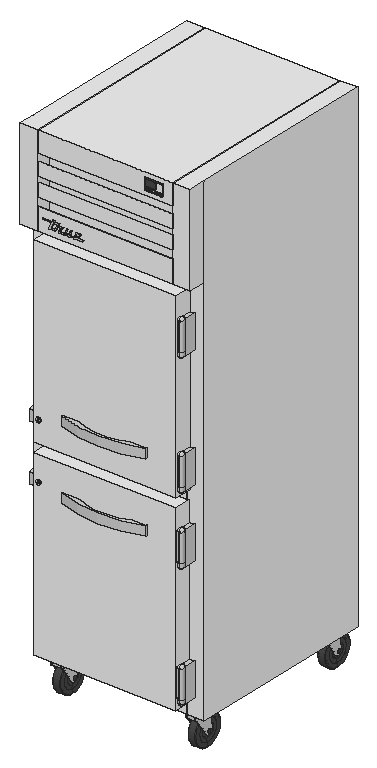
Revit family "QF_TRUE_STR1R-2HS-HC", category Specialty Equipment, Revit 2012
Parameters
  Weight in Pounds = 0
  Watts = Volts * FL Amps  # 437 W
  Volts = 115 V
  URL Cutsheet = "www.truemfg.com"
  URL = "www.truemfg.com"
  Type Mark [instance] = ""
  Type Comments = ""
  Status [instance] = ""
  Specification by User [instance] = ""
  Specification by Manufacturer = ""
  Show Seismic Flanged [instance] = no
  Show Logo [instance] = yes
  Show Legs [instance] = no
  Show Clearance [instance] = yes
  Serial Number = ""
  Seismic Rating = ""
  Seismic Plate [instance] = and(Show Seismic Flanged, not(Show Casters))  # no
  SMACNA No = ""
  Revision Code [instance] = ""
  Phase = 1
  Omniclass Number and Title = ""
  Number of Poles [instance] = 1
  NAFEM Spec ID Number = ""
  Model = "STR1R-2HS-HC"
  Min Ckt Ampacity = 0 A
  Max Overcurrent Protection = 0 A
  Masterspec = ""
  Manufacturer = "TRUE FOOD SERVICE EQUIPMENT, INC."
  Length = 27 1/2"
  Legs [instance] = or(Show Legs, Show Seismic Flanged)  # no
  Item Number [instance] = ""
  Installed By [instance] = ""
  Identify Quantity as Lot [instance] = yes
  Height = 77 3/4"
  HP = "1/4"
  Furnished By [instance] = ""
  Foodservice Equipment Identifier [instance] = yes
  FL Amps = 3.8 A
  Electrical Remarks [instance] = ""
  Electric Connection Type [instance] = ""
  Elec Conn RI Height [instance] = 0"
  Elec Conn Connection Height [instance] = 0"
  Description = "REACH-IN SOLID HALF SWING DOOR REFRIGERATOR WITH HYDROCARBON REFRIGERANT"
  Depth = 33 3/4"
  Cycle = 60 Hz
  Conn Plug = "5-15P"
  Conn Conduit = yes
  Show Casters [instance] = and(not(if(Show Legs, Show Legs, Show Legs)), not(if(Show Legs, Show Legs, Show Seismic Flanged)))  # yes
  CSI MasterFormat = ""
  CSI Master Format = ""
  Apparent Power = if(Phase = 3, Volts * FL Amps * 1.73, Volts * FL Amps)  # 437 VA
Reference planes (in)
  plane 1 "BACK": y = 0
  plane 2: z = 0
  plane 3 "LEFT": x = 0
  plane 4 "RIGHT": x = 27.5
  plane 5 "FRONT": y = -33.75
  plane 6 "TOP": z = 84.125
  plane 7: z = 6.125
  plane 8: x = 2.84375
  plane 9: y = -33.7042
  plane 10: y = -35.21875
Forms (in)
  Extrusion 1, solid, material "QF_Finishes_Chrome - Satin"
    sketch origin (0.05, 0, 0) x (1, 0, 0) y (0, 1, 0)
      loop
        line (-0.05, 0) -> (-0.05, -31) -> (2.87859, -31) -> (2.87859, 0) -> (-0.05, 0)
    from 6.125 to 84.125
  Extrusion 2, solid, material "QF_Finishes_Chrome - Satin"
    sketch origin (50.15, 0, 0) x (1, 0, 0) y (0, 1, 0)
      loop
        line (-25.44375, 0) -> (-25.44375, -31) -> (-22.65, -31) -> (-22.65, 0) -> (-25.44375, 0)
    from 6.125 to 84.125
  Extrusion 3, solid, material "QF_Finishes_Chrome - Satin"
    sketch origin (0, 0, 0) x (0, 1, 0) y (0, 0, 1)
      loop
        line (-33.7042, 69.5) -> (-31, 69.5) -> (-31, 6.125) -> (0, 6.125) -> (0, 84.125) -> (-33.7042, 84.125) -> (-33.7042, 80.78078) -> (-31.5, 79.21352) -> (-31.5, 78.09125) -> (-33.7042, 79.65851) -> (-33.7042, 77.5248) -> (-31.5, 75.95754) -> (-31.5, 74.99678) -> (-33.7042, 76.56404) -> (-33.7042, 74.46784) -> (-31.5, 72.90057) -> (-31.5, 71.625) -> (-33.7042, 73.19226) -> (-33.7042, 69.5)
    from 2.92859 to 24.70625
  Extrusion 4, solid, material "QF_Finishes_Chrome - Satin"
    sketch origin (0, 0, 0) x (1, 0, 0) y (0, 1, 0)
      loop
        line (27.45312, -31) -> (24.70625, -31) -> (24.70625, -33.75) -> (27.45312, -33.75) -> (27.45312, -31)
    from 69.5 to 84.125
  Extrusion 5, solid, material "QF_Finishes_Chrome - Satin"
    sketch origin (-50.125, 0, 0.25) x (1, 0, 0) y (0, 1, 0)
      loop
        line (53.05359, -31) -> (50.17188, -31) -> (50.17188, -33.75) -> (53.05359, -33.75) -> (53.05359, -31)
    from 69.25 to 83.875
  Extrusion 6, solid, material "QF_Finishes_Chrome - Satin"
    sketch origin (-24.96875, 0, -0.71875) x (1, 0, 0) y (0, 0, 1)
      loop
        line (27.15625, 8.75) -> (50.09375, 8.75) -> (50.09375, 37.96875) -> (27.15625, 37.96875) -> (27.15625, 8.75)
      loop
        line (27.15625, 68.6875) -> (27.15625, 39.46875) -> (50.1875, 39.46875) -> (50.1875, 68.6875) -> (27.15625, 68.6875)
    from 31 to 33.75
  Extrusion 7, solid, material "QF_Finishes_Handrails and Railings"
    sketch origin (60.77813, -0.25, 31.96644) x (1, 0, 0) y (0, 1, 0)
      loop
        line (-53.875, -33.5) -> (-53.875, -33.7)
        arc (-53.875, -33.7) -> (-47.075, -34.96875) -> (-40.275, -33.7) r 18.857
        line (-40.275, -33.7) -> (-40.275, -33.5) -> (-42.675, -33.5)
        arc (-42.675, -33.5) -> (-47.075, -34.53655) -> (-51.475, -33.5) r 9.85694
        line (-51.475, -33.5) -> (-53.875, -33.5)
    from 10.87731 to 12.37731
  Extrusion 8, solid, material "QF_Finishes_Handrails and Railings"
    sketch origin (-23.375, 0, 2.25) x (1, 0, 0) y (0, 0, 1)
      loop
        circle (26.4375, 40.0625) r 0.35
      loop
        line (26.47265, 40.33635) -> (26.41715, 40.33635) -> (26.41715, 39.76895) -> (26.47265, 39.76895) -> (26.47265, 40.33635)
    from 33.5 to 33.83066
  Extrusion 9, solid, material "QF_Finishes_Handrails and Railings", visible <- "Show Logo"
    sketch origin (0.33478, 1.08173, -6.73143) x (1, 0, 0) y (0, 0, 1)
      loop
        line (3.46044, 78.46231) -> (3.35478, 78.23573) -> (4.76027, 78.23573)
        arc (4.76027, 78.23573) -> (4.78879, 78.18528) -> (4.76027, 78.13484) r 0.05887
        line (4.76027, 78.13484) -> (4.39369, 77.34872)
        arc (4.39369, 77.34872) -> (4.39051, 77.27591) -> (4.43975, 77.22217) r 0.09523
        line (4.43975, 77.22217) -> (5.33844, 77.22217)
        arc (5.33844, 77.22217) -> (5.45192, 77.25795) -> (5.52436, 77.35235) r 0.19785
        line (5.52436, 77.35235) -> (5.81285, 77.97101) -> (6.0779, 77.97101)
        arc (6.0779, 77.97101) -> (6.14744, 77.94543) -> (6.13737, 77.87203) r 0.05911
        line (6.13737, 77.87203) -> (5.89598, 77.35437)
        arc (5.89598, 77.35437) -> (5.89974, 77.2684) -> (5.97231, 77.22217) r 0.09318
        line (5.97231, 77.22217) -> (6.76198, 77.22217)
        arc (6.76198, 77.22217) -> (6.82249, 77.24419) -> (6.85468, 77.29995) r 0.09412
        arc (6.85468, 77.29995) -> (6.87746, 77.24495) -> (6.93246, 77.22217) r 0.07778
        line (6.93246, 77.22217) -> (7.43246, 77.22217)
        arc (7.43246, 77.22217) -> (7.49022, 77.23765) -> (7.53251, 77.27993) r 0.11552
        arc (7.53251, 77.27993) -> (7.55275, 77.23106) -> (7.60162, 77.21081) r 0.06912
        line (7.60162, 77.21081) -> (8.31225, 77.21081)
        arc (8.31225, 77.21081) -> (8.37034, 77.23488) -> (8.39441, 77.29297) r 0.08216
        arc (8.39441, 77.29297) -> (8.44767, 77.23972) -> (8.52042, 77.22022) r 0.14551
        line (8.52042, 77.22022) -> (9.85158, 77.22022) -> (9.99946, 77.47634) -> (8.65678, 77.47634)
        arc (8.65678, 77.47634) -> (8.61972, 77.50204) -> (8.61834, 77.54711) r 0.05009
        line (8.61834, 77.54711) -> (8.64157, 77.59692)
        arc (8.64157, 77.59692) -> (8.67723, 77.64364) -> (8.73327, 77.66135) r 0.09747
        line (8.73327, 77.66135) -> (9.16485, 77.66135)
        arc (9.16485, 77.66135) -> (9.258, 77.68631) -> (9.32619, 77.7545) r 0.1863
        line (9.32619, 77.7545) -> (9.45119, 77.97101)
        arc (9.45119, 77.97101) -> (9.45119, 78.08657) -> (9.35111, 78.14434) r 0.11556
        line (9.35111, 78.14434) -> (8.89562, 78.14434)
        arc (8.89562, 78.14434) -> (8.7795, 78.12462) -> (8.69849, 78.03912) r 0.18605
        line (8.69849, 78.03912) -> (8.48204, 77.57493)
        arc (8.48204, 77.57493) -> (8.41815, 77.49167) -> (8.31806, 77.46011) r 0.1745
        line (8.31806, 77.46011) -> (7.84559, 77.46011)
        arc (7.84559, 77.46011) -> (7.78903, 77.52184) -> (7.79268, 77.60548) r 0.10939
        line (7.79268, 77.60548) -> (8.04395, 78.14434) -> (7.88403, 78.14434) -> (7.61781, 77.57344)
        arc (7.61781, 77.57344) -> (7.56609, 77.50603) -> (7.48505, 77.48048) r 0.14128
        line (7.48505, 77.48048) -> (7.15925, 77.48048)
        arc (7.15925, 77.48048) -> (7.10419, 77.55223) -> (7.116, 77.64189) r 0.11816
        line (7.116, 77.64189) -> (7.3503, 78.14434) -> (7.18514, 78.14434) -> (6.91546, 77.566)
        arc (6.91546, 77.566) -> (6.85285, 77.50339) -> (6.76733, 77.48048) r 0.17104
        line (6.76733, 77.48048) -> (6.29555, 77.48048)
        arc (6.29555, 77.48048) -> (6.21082, 77.51999) -> (6.20267, 77.61313) r 0.0935
        line (6.20267, 77.61313) -> (6.35774, 77.94569) -> (6.57695, 77.94569)
        arc (6.57695, 77.94569) -> (6.61395, 78.05717) -> (6.69267, 78.14434) r 0.2857
        line (6.69267, 78.14434) -> (5.83605, 78.14434)
        arc (5.83605, 78.14434) -> (5.74086, 78.12324) -> (5.67498, 78.05135) r 0.16212
        line (5.67498, 78.05135) -> (5.44279, 77.55341)
        arc (5.44279, 77.55341) -> (5.3894, 77.50002) -> (5.31647, 77.48048) r 0.14586
        line (5.31647, 77.48048) -> (4.80506, 77.48048)
        arc (4.80506, 77.48048) -> (4.76514, 77.53442) -> (4.77274, 77.60109) r 0.09155
        line (4.77274, 77.60109) -> (5.11018, 78.23573) -> (5.96155, 78.23573) -> (6.06721, 78.46231) -> (5.21584, 78.46231) -> (5.32149, 78.68888) -> (5.01862, 78.68888) -> (4.91297, 78.46231) -> (3.46044, 78.46231)
      loop
        arc (8.83805, 77.93863) -> (8.80119, 77.92875) -> (8.7742, 77.90176) r 0.07373
        line (8.7742, 77.90176) -> (8.75229, 77.83436)
        arc (8.75229, 77.83436) -> (8.76245, 77.80983) -> (8.78699, 77.79966) r 0.0347
        line (8.78699, 77.79966) -> (9.15948, 77.79966)
        arc (9.15948, 77.79966) -> (9.18632, 77.80561) -> (9.20812, 77.82234) r 0.0635
        line (9.20812, 77.82234) -> (9.22624, 77.90622)
        arc (9.22624, 77.90622) -> (9.22091, 77.92868) -> (9.20009, 77.93863) r 0.02676
        line (9.20009, 77.93863) -> (8.83805, 77.93863)
    from 34.76797 to 34.83173
  Extrusion 10, solid, material "QF_Finishes_White"
    sketch origin (-23.16691, 1.06376, 1.58022) x (1, 0, 0) y (0, 0, 1)
      loop
        line (43.31732, 81.73227) -> (43.31732, 79.98496) -> (46.22357, 79.98496) -> (46.22357, 81.73227) -> (43.31732, 81.73227)
    from 34.75 to 34.76797
  Extrusion 11, solid, material "QF_Finishes_Black"
    sketch origin (-23.16691, 1.06376, 1.58022) x (1, 0, 0) y (0, 0, 1)
      loop
        line (46.28607, 81.79477) -> (43.25482, 81.79477) -> (43.25482, 79.92246) -> (46.28607, 79.92246) -> (46.28607, 81.79477)
      loop
        spline (43.45482, 80.25372) -> (43.46333, 80.23754) -> (43.48831, 80.22247) -> (43.52804, 80.20952) -> (43.57982, 80.19959) -> (43.64011, 80.19335) -> (43.70482, 80.19122) -> (43.76952, 80.19335) -> (43.82982, 80.19959) -> (43.88159, 80.20952) -> (43.92132, 80.22247) -> (43.9463, 80.23754) -> (43.95482, 80.25372)
        spline (43.95482, 80.25372) -> (43.9463, 80.26989) -> (43.92132, 80.28497) -> (43.88159, 80.29791) -> (43.82982, 80.30784) -> (43.76952, 80.31409) -> (43.70482, 80.31622) -> (43.64011, 80.31409) -> (43.57982, 80.30784) -> (43.52804, 80.29791) -> (43.48831, 80.28497) -> (43.46333, 80.26989) -> (43.45482, 80.25372)
      loop
        spline (44.15083, 80.25372) -> (44.15935, 80.23754) -> (44.18432, 80.22247) -> (44.22405, 80.20952) -> (44.27583, 80.19959) -> (44.33612, 80.19335) -> (44.40083, 80.19122) -> (44.46553, 80.19335) -> (44.52583, 80.19959) -> (44.57761, 80.20952) -> (44.61734, 80.22247) -> (44.64231, 80.23754) -> (44.65083, 80.25372)
        spline (44.65083, 80.25372) -> (44.64231, 80.26989) -> (44.61734, 80.28497) -> (44.57761, 80.29791) -> (44.52583, 80.30784) -> (44.46553, 80.31409) -> (44.40083, 80.31622) -> (44.33612, 80.31409) -> (44.27583, 80.30784) -> (44.22405, 80.29791) -> (44.18432, 80.28497) -> (44.15935, 80.26989) -> (44.15083, 80.25372)
      loop
        spline (44.90083, 80.25372) -> (44.90935, 80.23754) -> (44.93432, 80.22247) -> (44.97405, 80.20952) -> (45.02583, 80.19959) -> (45.08612, 80.19335) -> (45.15083, 80.19122) -> (45.21553, 80.19335) -> (45.27583, 80.19959) -> (45.32761, 80.20952) -> (45.36734, 80.22247) -> (45.39231, 80.23754) -> (45.40083, 80.25372)
        spline (45.40083, 80.25372) -> (45.39231, 80.26989) -> (45.36734, 80.28497) -> (45.32761, 80.29791) -> (45.27583, 80.30784) -> (45.21553, 80.31409) -> (45.15083, 80.31622) -> (45.08612, 80.31409) -> (45.02583, 80.30784) -> (44.97405, 80.29791) -> (44.93432, 80.28497) -> (44.90935, 80.26989) -> (44.90083, 80.25372)
      loop
        line (43.45481, 81.59478) -> (43.45481, 80.59478) -> (45.15433, 80.59478) -> (45.15433, 81.59478) -> (43.45481, 81.59478)
      loop
        line (46.22357, 81.73227) -> (43.31732, 81.73227) -> (43.31732, 79.98496) -> (46.22357, 79.98496) -> (46.22357, 81.73227)
      loop
        spline (45.65083, 80.25372) -> (45.65935, 80.23754) -> (45.68432, 80.22247) -> (45.72405, 80.20952) -> (45.77583, 80.19959) -> (45.83612, 80.19335) -> (45.90083, 80.19122) -> (45.96553, 80.19335) -> (46.02583, 80.19959) -> (46.07761, 80.20952) -> (46.11734, 80.22247) -> (46.14231, 80.23754) -> (46.15083, 80.25372)
        spline (46.15083, 80.25372) -> (46.14231, 80.26989) -> (46.11734, 80.28497) -> (46.07761, 80.29791) -> (46.02583, 80.30784) -> (45.96553, 80.31409) -> (45.90083, 80.31622) -> (45.83612, 80.31409) -> (45.77583, 80.30784) -> (45.72405, 80.29791) -> (45.68432, 80.28497) -> (45.65935, 80.26989) -> (45.65083, 80.25372)
    from 34.76797 to 34.80335
  Extrusion 12, solid
    sketch origin (-25.125, 0, 0) x (1, 0, 0) y (0, 0, 1)
      loop
        circle (49.375, 82) r 0.25
    from 0 to 0.0625
  Blend 13, solid, material "QF_Finishes_Handrails and Railings"
    base sketch origin (27.53125, 0, 4.25) x (-1, 0, 0) y (0, 0, -1)
      loop
        line (25.25, -38.99169) -> (26, -38.99169) -> (26, -37.24169) -> (25.25, -37.24169) -> (25.25, -38.99169)
    top sketch origin (27.53125, 0, 4.25) x (-1, 0, 0) y (0, 0, -1)
      loop
        line (26.18223, -36.6441) -> (25.25, -36.6441) -> (25.25, -39.42643) -> (26.18223, -39.42643) -> (26.18223, -36.6441)
    from 33.57883 to 31
  Extrusion 14, solid, material "QF_Finishes_Handrails and Railings"
    sketch origin (26.1875, 0, 0) x (0, 1, 0) y (0, 0, -1)
      loop
        line (-31, -64.55229) -> (-31, -59.23627) -> (-33.25, -59.23627) -> (-33.25, -59.94848) -> (-32.81497, -59.94848) -> (-32.81497, -64.34776)
        arc (-32.81497, -64.34776) -> (-32.75506, -64.49238) -> (-32.61044, -64.55229) r 0.20453
        line (-32.61044, -64.55229) -> (-31, -64.55229)
    from 0.17506 to 1
  Revolve 15, solid, material "QF_Finishes_Handrails and Railings"
    sketch origin (25.6875, 0, 0) x (0, 1, 0) y (0, 0, -1)
      loop
        line (-33.26563, -60.00189) -> (-33.67229, -60.00189) -> (-33.67229, -64.4736)
        arc (-33.67229, -64.4736) -> (-33.53722, -64.72557) -> (-33.26563, -64.81483) r 0.3848
        line (-33.26563, -64.81483) -> (-33.26563, -60.00189)
      loop
        line (-33.26563, -59.94848) -> (-33.26563, -59.04781)
        arc (-33.26563, -59.04781) -> (-33.53264, -59.13383) -> (-33.67229, -59.37712) r 0.38884
        line (-33.67229, -59.37712) -> (-33.67229, -59.94848) -> (-33.26563, -59.94848)
      axis (-33.26563, -59.04781) -> (-33.26563, -64.81483)
    angle from 0 to 360
  Extrusion 16, solid, material "QF_Finishes_Handrails and Railings"
    sketch origin (27.5, 0, 0) x (-1, 0, 0) y (0, 0, -1)
      loop
        line (1.91491, -64.4736) -> (2.3125, -64.4736) -> (2.3125, -60.00079) -> (1.91491, -60.00079) -> (1.91491, -64.4736)
    from 32.81497 to 33.59495
  Extrusion 17, solid, material "QF_Finishes_Handrails and Railings"
    sketch origin (26.1875, 0, -19.5) x (0, 1, 0) y (0, 0, -1)
      loop
        line (-31, -64.55229) -> (-31, -59.23627) -> (-33.25, -59.23627) -> (-33.25, -59.94848) -> (-32.81497, -59.94848) -> (-32.81497, -64.34776)
        arc (-32.81497, -64.34776) -> (-32.75506, -64.49238) -> (-32.61044, -64.55229) r 0.20453
        line (-32.61044, -64.55229) -> (-31, -64.55229)
    from 0.17506 to 1
  Revolve 18, solid, material "QF_Finishes_Handrails and Railings"
    sketch origin (25.6875, 0, -19.5) x (0, 1, 0) y (0, 0, -1)
      loop
        line (-33.26563, -60.00189) -> (-33.67229, -60.00189) -> (-33.67229, -64.4736)
        arc (-33.67229, -64.4736) -> (-33.53722, -64.72557) -> (-33.26563, -64.81483) r 0.3848
        line (-33.26563, -64.81483) -> (-33.26563, -60.00189)
      loop
        line (-33.26563, -59.94848) -> (-33.26563, -59.04781)
        arc (-33.26563, -59.04781) -> (-33.53264, -59.13383) -> (-33.67229, -59.37712) r 0.38884
        line (-33.67229, -59.37712) -> (-33.67229, -59.94848) -> (-33.26563, -59.94848)
      axis (-33.26563, -59.04781) -> (-33.26563, -64.81483)
    angle from 0 to 360
  Extrusion 19, solid, material "QF_Finishes_Handrails and Railings"
    sketch origin (27.5, 0, -19.5) x (-1, 0, 0) y (0, 0, -1)
      loop
        line (1.91491, -64.4736) -> (2.3125, -64.4736) -> (2.3125, -60.00079) -> (1.91491, -60.00079) -> (1.91491, -64.4736)
    from 32.81497 to 33.59495
  Extrusion 20, solid, material "QF_Finishes_Handrails and Railings"
    sketch origin (26.1875, 0, -30.5) x (0, 1, 0) y (0, 0, -1)
      loop
        line (-31, -64.55229) -> (-31, -59.23627) -> (-33.25, -59.23627) -> (-33.25, -59.94848) -> (-32.81497, -59.94848) -> (-32.81497, -64.34776)
        arc (-32.81497, -64.34776) -> (-32.75506, -64.49238) -> (-32.61044, -64.55229) r 0.20453
        line (-32.61044, -64.55229) -> (-31, -64.55229)
    from 0.17506 to 1
  Revolve 21, solid, material "QF_Finishes_Handrails and Railings"
    sketch origin (25.6875, 0, -30.5) x (0, 1, 0) y (0, 0, -1)
      loop
        line (-33.26563, -60.00189) -> (-33.67229, -60.00189) -> (-33.67229, -64.4736)
        arc (-33.67229, -64.4736) -> (-33.53722, -64.72557) -> (-33.26563, -64.81483) r 0.3848
        line (-33.26563, -64.81483) -> (-33.26563, -60.00189)
      loop
        line (-33.26563, -59.94848) -> (-33.26563, -59.04781)
        arc (-33.26563, -59.04781) -> (-33.53264, -59.13383) -> (-33.67229, -59.37712) r 0.38884
        line (-33.67229, -59.37712) -> (-33.67229, -59.94848) -> (-33.26563, -59.94848)
      axis (-33.26563, -59.04781) -> (-33.26563, -64.81483)
    angle from 0 to 360
  Extrusion 22, solid, material "QF_Finishes_Handrails and Railings"
    sketch origin (27.5, 0, -30.5) x (-1, 0, 0) y (0, 0, -1)
      loop
        line (1.91491, -64.4736) -> (2.3125, -64.4736) -> (2.3125, -60.00079) -> (1.91491, -60.00079) -> (1.91491, -64.4736)
    from 32.81497 to 33.59495
  Extrusion 23, solid, material "QF_Finishes_Handrails and Railings"
    sketch origin (26.1875, 0, -50.25) x (0, 1, 0) y (0, 0, -1)
      loop
        line (-31, -64.55229) -> (-31, -59.23627) -> (-33.25, -59.23627) -> (-33.25, -59.94848) -> (-32.81497, -59.94848) -> (-32.81497, -64.34776)
        arc (-32.81497, -64.34776) -> (-32.75506, -64.49238) -> (-32.61044, -64.55229) r 0.20453
        line (-32.61044, -64.55229) -> (-31, -64.55229)
    from 0.17506 to 1
  Revolve 24, solid, material "QF_Finishes_Handrails and Railings"
    sketch origin (25.6875, 0, -50.25) x (0, 1, 0) y (0, 0, -1)
      loop
        line (-33.26563, -60.00189) -> (-33.67229, -60.00189) -> (-33.67229, -64.4736)
        arc (-33.67229, -64.4736) -> (-33.53722, -64.72557) -> (-33.26563, -64.81483) r 0.3848
        line (-33.26563, -64.81483) -> (-33.26563, -60.00189)
      loop
        line (-33.26563, -59.94848) -> (-33.26563, -59.04781)
        arc (-33.26563, -59.04781) -> (-33.53264, -59.13383) -> (-33.67229, -59.37712) r 0.38884
        line (-33.67229, -59.37712) -> (-33.67229, -59.94848) -> (-33.26563, -59.94848)
      axis (-33.26563, -59.04781) -> (-33.26563, -64.81483)
    angle from 0 to 360
  Extrusion 25, solid, material "QF_Finishes_Handrails and Railings"
    sketch origin (27.5, 0, -50.25) x (-1, 0, 0) y (0, 0, -1)
      loop
        line (1.91491, -64.4736) -> (2.3125, -64.4736) -> (2.3125, -60.00079) -> (1.91491, -60.00079) -> (1.91491, -64.4736)
    from 32.81497 to 33.59495
  Revolve 26, solid, material "QF_Finishes_Black", visible <- "Show Casters"
    sketch origin (22.65625, -27.375, 0) x (1, 0, 0) y (0, 0, 1)
      loop
        line (1.475, 5) -> (1.375, 4.9) -> (1.375, 4.29941) -> (1.53601, 4.29941) -> (1.53601, 3.54941) -> (1.375, 3.54941) -> (1.375, 2.79941) -> (0.975, 2.79941) -> (0.975, 2.5) -> (3.025, 2.5) -> (3.025, 2.79941) -> (2.62908, 2.79941) -> (2.62908, 3.54941) -> (2.46399, 3.54941) -> (2.46399, 4.29941) -> (2.62908, 4.29941) -> (2.62908, 4.89592) -> (2.525, 5) -> (1.475, 5)
      axis (3.025, 2.5) -> (0.975, 2.5)
    angle from 0 to 360
  Extrusion 27, solid, material "QF_Finishes_Handrails and Railings", visible <- "Show Casters"
    sketch origin (22.5625, 0, 0) x (0, 1, 0) y (0, 0, 1)
      loop
        line (-29.95136, 5.48574) -> (-29.95136, 4.88089) -> (-29.70136, 4.88089) -> (-27.95216, 2.18736)
        arc (-27.95216, 2.18736) -> (-27.23883, 1.94868) -> (-26.84581, 2.59003) r 0.60416
        line (-26.84581, 2.59003) -> (-27.20136, 5.48574) -> (-29.95136, 5.48574)
      loop
        line (-3.8577, 5.48574) -> (-3.8577, 4.88089) -> (-3.6077, 4.88089) -> (-1.8585, 2.18736)
        arc (-1.8585, 2.18736) -> (-1.14517, 1.94868) -> (-0.75215, 2.59003) r 0.60416
        line (-0.75215, 2.59003) -> (-1.1077, 5.48574) -> (-3.8577, 5.48574)
    from 1.175 to 1.325
  Extrusion 28, solid, material "QF_Finishes_Handrails and Railings", visible <- "Show Casters"
    sketch origin (24.0625, 0, 0) x (0, 1, 0) y (0, 0, 1)
      loop
        line (-29.95136, 5.48574) -> (-29.95136, 4.88089) -> (-29.70136, 4.88089) -> (-27.95216, 2.18736)
        arc (-27.95216, 2.18736) -> (-27.23883, 1.94868) -> (-26.84581, 2.59003) r 0.60416
        line (-26.84581, 2.59003) -> (-27.20136, 5.48574) -> (-29.95136, 5.48574)
      loop
        line (-3.8577, 5.48574) -> (-3.8577, 4.88089) -> (-3.6077, 4.88089) -> (-1.8585, 2.18736)
        arc (-1.8585, 2.18736) -> (-1.14517, 1.94868) -> (-0.75215, 2.59003) r 0.60416
        line (-0.75215, 2.59003) -> (-1.1077, 5.48574) -> (-3.8577, 5.48574)
    from 1.175 to 1.325
  Revolve 29, solid, material "QF_Finishes_Chrome - Satin", visible <- "Show Casters"
    sketch origin (22.65625, -28.5625, -0.5) x (1, 0, 0) y (0, 0, 1)
      loop
        line (2, 5.99546) -> (2, 6.62359) -> (0.70293, 6.62359) -> (0.70293, 5.99546) -> (2, 5.99546)
      axis (2, 5.99546) -> (2, 6.62359)
    angle from 0 to 360
  Revolve 30, solid, material "QF_Finishes_Chrome - Satin", visible <- "Legs"
    sketch origin (22.65625, -2.69102, 0) x (1, 0, 0) y (0, 0, 1)
      loop
        line (2, 6.125) -> (0.66662, 6.125) -> (1.25, 1) -> (1.5, 1) -> (1.5, 0) -> (2, 0) -> (2, 6.125)
      axis (2, 0) -> (2, 6.125)
    angle from 0 to 360
  Revolve 31, solid, material "QF_Finishes_Chrome - Satin", visible <- "Legs"
    sketch origin (22.65625, -28.65977, 0) x (1, 0, 0) y (0, 0, 1)
      loop
        line (2, 6.125) -> (0.66662, 6.125) -> (1.25, 1) -> (1.5, 1) -> (1.5, 0) -> (2, 0) -> (2, 6.125)
      axis (2, 0) -> (2, 6.125)
    angle from 0 to 360
  Revolve 32, solid, material "QF_Finishes_Chrome - Satin", visible <- "Show Casters"
    sketch origin (22.65625, -2.70321, -0.5) x (1, 0, 0) y (0, 0, 1)
      loop
        line (2, 5.99546) -> (2, 6.62359) -> (0.70293, 6.62359) -> (0.70293, 5.99546) -> (2, 5.99546)
      axis (2, 5.99546) -> (2, 6.62359)
    angle from 0 to 360
  Extrusion 33, solid, material "QF_Finishes_Handrails and Railings", visible <- "Show Casters"
    sketch origin (-25.21875, 0, 0) x (0, 1, 0) y (0, 0, 1)
      loop
        line (-29.95136, 5.48574) -> (-29.95136, 4.88089) -> (-29.70136, 4.88089) -> (-27.16533, 5.19227) -> (-27.20136, 5.48574) -> (-29.95136, 5.48574)
      loop
        line (-3.8577, 5.48574) -> (-3.8577, 4.88089) -> (-3.6077, 4.88089) -> (-1.07167, 5.19227) -> (-1.1077, 5.48574) -> (-3.8577, 5.48574)
    from 49.10625 to 50.45625
  Revolve 34, solid, material "QF_Finishes_Black", visible <- "Show Casters"
    sketch origin (22.65625, -1.21875, 0) x (1, 0, 0) y (0, 0, 1)
      loop
        line (1.475, 5) -> (1.375, 4.9) -> (1.375, 4.29941) -> (1.53601, 4.29941) -> (1.53601, 3.54941) -> (1.375, 3.54941) -> (1.375, 2.79941) -> (0.975, 2.79941) -> (0.975, 2.5) -> (3.025, 2.5) -> (3.025, 2.79941) -> (2.62908, 2.79941) -> (2.62908, 3.54941) -> (2.46399, 3.54941) -> (2.46399, 4.29941) -> (2.62908, 4.29941) -> (2.62908, 4.89592) -> (2.525, 5) -> (1.475, 5)
      axis (3.025, 2.5) -> (0.975, 2.5)
    angle from 0 to 360
  Revolve 35, solid, material "QF_Finishes_Black", visible <- "Show Casters"
    sketch origin (0.84375, -27.375, 0) x (1, 0, 0) y (0, 0, 1)
      loop
        line (1.475, 5) -> (1.375, 4.9) -> (1.375, 4.29941) -> (1.53601, 4.29941) -> (1.53601, 3.54941) -> (1.375, 3.54941) -> (1.375, 2.79941) -> (0.975, 2.79941) -> (0.975, 2.5) -> (3.025, 2.5) -> (3.025, 2.79941) -> (2.62908, 2.79941) -> (2.62908, 3.54941) -> (2.46399, 3.54941) -> (2.46399, 4.29941) -> (2.62908, 4.29941) -> (2.62908, 4.89592) -> (2.525, 5) -> (1.475, 5)
      axis (3.025, 2.5) -> (0.975, 2.5)
    angle from 0 to 360
  Extrusion 36, solid, material "QF_Finishes_Handrails and Railings", visible <- "Show Casters"
    sketch origin (0.84375, 0, 0) x (0, 1, 0) y (0, 0, 1)
      loop
        line (-29.95136, 5.48574) -> (-29.95136, 4.88089) -> (-29.70136, 4.88089) -> (-27.95216, 2.18736)
        arc (-27.95216, 2.18736) -> (-27.23883, 1.94868) -> (-26.84581, 2.59003) r 0.60416
        line (-26.84581, 2.59003) -> (-27.20136, 5.48574) -> (-29.95136, 5.48574)
      loop
        line (-3.8577, 5.48574) -> (-3.8577, 4.88089) -> (-3.6077, 4.88089) -> (-1.8585, 2.18736)
        arc (-1.8585, 2.18736) -> (-1.14517, 1.94868) -> (-0.75215, 2.59003) r 0.60416
        line (-0.75215, 2.59003) -> (-1.1077, 5.48574) -> (-3.8577, 5.48574)
    from 1.175 to 1.325
  Extrusion 37, solid, material "QF_Finishes_Handrails and Railings", visible <- "Show Casters"
    sketch origin (2.34375, 0, 0) x (0, 1, 0) y (0, 0, 1)
      loop
        line (-29.95136, 5.48574) -> (-29.95136, 4.88089) -> (-29.70136, 4.88089) -> (-27.95216, 2.18736)
        arc (-27.95216, 2.18736) -> (-27.23883, 1.94868) -> (-26.84581, 2.59003) r 0.60416
        line (-26.84581, 2.59003) -> (-27.20136, 5.48574) -> (-29.95136, 5.48574)
      loop
        line (-3.8577, 5.48574) -> (-3.8577, 4.88089) -> (-3.6077, 4.88089) -> (-1.8585, 2.18736)
        arc (-1.8585, 2.18736) -> (-1.14517, 1.94868) -> (-0.75215, 2.59003) r 0.60416
        line (-0.75215, 2.59003) -> (-1.1077, 5.48574) -> (-3.8577, 5.48574)
    from 1.175 to 1.325
  Revolve 38, solid, material "QF_Finishes_Chrome - Satin", visible <- "Show Casters"
    sketch origin (0.84375, -28.5625, -0.5) x (1, 0, 0) y (0, 0, 1)
      loop
        line (2, 5.99546) -> (2, 6.62359) -> (0.70293, 6.62359) -> (0.70293, 5.99546) -> (2, 5.99546)
      axis (2, 5.99546) -> (2, 6.62359)
    angle from 0 to 360
  Revolve 39, solid, material "QF_Finishes_Chrome - Satin", visible <- "Legs"
    sketch origin (0.84375, -2.69102, 0) x (1, 0, 0) y (0, 0, 1)
      loop
        line (2, 6.125) -> (0.66662, 6.125) -> (1.25, 1) -> (1.5, 1) -> (1.5, 0) -> (2, 0) -> (2, 6.125)
      axis (2, 0) -> (2, 6.125)
    angle from 0 to 360
  Revolve 40, solid, material "QF_Finishes_Chrome - Satin", visible <- "Legs"
    sketch origin (0.84375, -28.65977, 0) x (1, 0, 0) y (0, 0, 1)
      loop
        line (2, 6.125) -> (0.66662, 6.125) -> (1.25, 1) -> (1.5, 1) -> (1.5, 0) -> (2, 0) -> (2, 6.125)
      axis (2, 0) -> (2, 6.125)
    angle from 0 to 360
  Revolve 41, solid, material "QF_Finishes_Chrome - Satin", visible <- "Show Casters"
    sketch origin (0.84375, -2.70321, -0.5) x (1, 0, 0) y (0, 0, 1)
      loop
        line (2, 5.99546) -> (2, 6.62359) -> (0.70293, 6.62359) -> (0.70293, 5.99546) -> (2, 5.99546)
      axis (2, 5.99546) -> (2, 6.62359)
    angle from 0 to 360
  Extrusion 42, solid, material "QF_Finishes_Handrails and Railings", visible <- "Show Casters"
    sketch origin (-46.9375, 0, 0) x (0, 1, 0) y (0, 0, 1)
      loop
        line (-29.95136, 5.48574) -> (-29.95136, 4.88089) -> (-29.70136, 4.88089) -> (-27.16533, 5.19227) -> (-27.20136, 5.48574) -> (-29.95136, 5.48574)
      loop
        line (-3.8577, 5.48574) -> (-3.8577, 4.88089) -> (-3.6077, 4.88089) -> (-1.07167, 5.19227) -> (-1.1077, 5.48574) -> (-3.8577, 5.48574)
    from 49.10625 to 50.45625
  Revolve 43, solid, material "QF_Finishes_Black", visible <- "Show Casters"
    sketch origin (0.84375, -1.21875, 0) x (1, 0, 0) y (0, 0, 1)
      loop
        line (1.475, 5) -> (1.375, 4.9) -> (1.375, 4.29941) -> (1.53601, 4.29941) -> (1.53601, 3.54941) -> (1.375, 3.54941) -> (1.375, 2.79941) -> (0.975, 2.79941) -> (0.975, 2.5) -> (3.025, 2.5) -> (3.025, 2.79941) -> (2.62908, 2.79941) -> (2.62908, 3.54941) -> (2.46399, 3.54941) -> (2.46399, 4.29941) -> (2.62908, 4.29941) -> (2.62908, 4.89592) -> (2.525, 5) -> (1.475, 5)
      axis (3.025, 2.5) -> (0.975, 2.5)
    angle from 0 to 360
  Extrusion 44, solid, material "QF_Door-Drawer Clearances", visible <- "Show Clearance", detail levels coarse
    sketch origin (26.33466, -3.6098, 0) x (1, 0, 0) y (0, 1, 0)
      loop
        line (-1.17841, -30.1402) -> (-24.14716, -30.1402)
        arc (-24.14716, -30.1402) -> (-17.41977, -46.38156) -> (-1.17841, -53.10895) r 22.96875
        line (-1.17841, -53.10895) -> (-1.17841, -30.1402)
    from 38.75 to 67.96875
  Extrusion 45, solid, material "QF_Finishes_Chrome - Satin", visible <- "Seismic Plate"
    sketch origin (-0.22541, -26.96562, 0) x (1, 0, 0) y (0, 1, 0)
      loop
        circle (3.06916, -1.69416) r 1.5
    from 0 to 0.25
  Extrusion 46, solid, material "QF_Finishes_Chrome - Satin", visible <- "Seismic Plate"
    sketch origin (-0.22541, -0.99687, 0) x (1, 0, 0) y (0, 1, 0)
      loop
        circle (3.06916, -1.69416) r 1.5
    from 0 to 0.25
  Extrusion 47, solid, material "QF_Finishes_Chrome - Satin", visible <- "Seismic Plate"
    sketch origin (21.49334, -0.99687, 0) x (1, 0, 0) y (0, 1, 0)
      loop
        circle (3.16291, -1.69416) r 1.5
    from 0 to 0.25
  Extrusion 48, solid, material "QF_Finishes_Chrome - Satin", visible <- "Seismic Plate"
    sketch origin (21.49334, -26.96562, 0) x (1, 0, 0) y (0, 1, 0)
      loop
        circle (3.16291, -1.69416) r 1.5
    from 0 to 0.25
  Extrusion 49, solid, material "QF_Finishes_Handrails and Railings"
    sketch origin (-23.375, 0, 73.375) x (1, 0, 0) y (0, 0, 1)
      loop
        circle (26.4375, -40.0625) r 0.35
      loop
        line (26.47265, -40.33635) -> (26.47265, -39.76895) -> (26.41715, -39.76895) -> (26.41715, -40.33635) -> (26.47265, -40.33635)
    from 33.5 to 33.83066
  Blend 50, solid, material "QF_Finishes_Handrails and Railings"
    base sketch origin (27.53125, 0, 71.375) x (-1, 0, 0) y (0, 0, -1)
      loop
        line (25.25, 38.99169) -> (25.25, 37.24169) -> (26, 37.24169) -> (26, 38.99169) -> (25.25, 38.99169)
    top sketch origin (27.53125, 0, 71.375) x (-1, 0, 0) y (0, 0, -1)
      loop
        line (26.18223, 36.6441) -> (26.18223, 39.42643) -> (25.25, 39.42643) -> (25.25, 36.6441) -> (26.18223, 36.6441)
    from 33.57883 to 31
  Extrusion 51, solid, material "QF_Finishes_Handrails and Railings"
    sketch origin (60.77813, -0.25, 20.77894) x (1, 0, 0) y (0, 1, 0)
      loop
        line (-53.875, -33.5) -> (-53.875, -33.7)
        arc (-53.875, -33.7) -> (-47.075, -34.96875) -> (-40.275, -33.7) r 18.857
        line (-40.275, -33.7) -> (-40.275, -33.5) -> (-42.675, -33.5)
        arc (-42.675, -33.5) -> (-47.075, -34.53655) -> (-51.475, -33.5) r 9.85694
        line (-51.475, -33.5) -> (-53.875, -33.5)
    from 10.87731 to 12.37731
  Extrusion 52, solid, material "QF_Door-Drawer Clearances", visible <- "Show Clearance", detail levels coarse
    sketch origin (26.33466, -3.6098, -30.71875) x (1, 0, 0) y (0, 1, 0)
      loop
        line (-1.17841, -30.1402) -> (-24.14716, -30.1402)
        arc (-24.14716, -30.1402) -> (-17.41977, -46.38156) -> (-1.17841, -53.10895) r 22.96875
        line (-1.17841, -53.10895) -> (-1.17841, -30.1402)
    from 38.75 to 67.96875
Cuts and joins
  joined: Extrusion 1, Extrusion 2, Extrusion 4, Extrusion 5
Lines and regions (in)
  symbolic lines
    curve 1: line (0, 0, 0) -> (27.5, 0, 0)
    curve 2: line (0, -33.75, 0) -> (0, 0, 0)
    curve 3: line (27.5, -33.75, 0) -> (0, -33.75, 0)
    curve 4: line (27.5, 0, 0) -> (27.5, -33.75, 0)
    curve 5: line (27.5, -31.5, 0) -> (0, -31.5, 0)
    curve 22: arc (18.10312, -33.75, 0) -> (13.70312, -34.78655, 0) -> (9.30313, -33.75, 0) r 9.85694
    curve 23: arc (6.90313, -33.95, 0) -> (13.70312, -35.21875, 0) -> (20.50312, -33.95, 0) r 18.857
    curve 24: line (6.90313, -33.75, 0) -> (6.90313, -33.95, 0)
    curve 25: line (20.50312, -33.95, 0) -> (20.50312, -33.75, 0)
  symbolic lines, style "SpecialityEquipmentHiddenLines", visible <- "Show Casters"
    curve 6: line (3.82597, -24.4208, 0) -> (5.12501, -25.1708, 0)
    curve 7: line (1.20097, -28.96743, 0) -> (3.82597, -24.4208, 0)
    curve 8: line (2.50001, -29.71743, 0) -> (1.20097, -28.96743, 0)
    curve 9: line (5.12501, -25.1708, 0) -> (2.50001, -29.71743, 0)
    curve 10: line (3.82597, -0.4208, 0) -> (5.12501, -1.1708, 0)
    curve 11: line (1.20097, -4.96743, 0) -> (3.82597, -0.4208, 0)
    curve 12: line (2.50001, -5.71743, 0) -> (1.20097, -4.96743, 0)
    curve 13: line (5.12501, -1.1708, 0) -> (2.50001, -5.71743, 0)
    curve 14: line (24.73343, -0.4208, 0) -> (26.03247, -1.1708, 0)
    curve 15: line (22.10843, -4.96743, 0) -> (24.73343, -0.4208, 0)
    curve 16: line (23.40747, -5.71743, 0) -> (22.10843, -4.96743, 0)
    curve 17: line (26.03247, -1.1708, 0) -> (23.40747, -5.71743, 0)
    curve 18: line (24.82718, -24.52487, 0) -> (26.12622, -25.27487, 0)
    curve 19: line (22.20218, -29.07151, 0) -> (24.82718, -24.52487, 0)
    curve 20: line (23.50122, -29.82151, 0) -> (22.20218, -29.07151, 0)
    curve 21: line (26.12622, -25.27487, 0) -> (23.50122, -29.82151, 0)
  symbolic lines, style "QF_Door-Drawer Clearances"
    curve 26: line (25.15625, -33.75, 0) -> (5.26473, -45.23438, 0)
    curve 27: arc (5.26473, -45.23438, 0) -> (2.97014, -39.69475, 0) -> (2.1875, -33.75, 0) r 22.96875
Dimensions and locks (in)
  "Depth": plane 5 "FRONT" to plane 1 "BACK"
  plane 7 to level = 6 1/8"
  plane 6 "TOP" to level = 84 1/8"
  plane 6 "TOP" to plane 7 = 78"
  plane 6 "TOP" to cut or joined group of Extrusion 1, Extrusion 2, Extrusion 4, Extrusion 5 = 14 5/8"
  Extrusion 6 sketch curve to Extrusion 6 sketch curve = 22 15/16"
  Extrusion 6 to plane 1 "BACK" = 33 3/4"
  "Length": plane 3 "LEFT" to plane 4 "RIGHT"
  plane 4 "RIGHT" to plane 3 "LEFT" = 27 1/2"
  cut or joined group of Extrusion 1, Extrusion 2, Extrusion 4, Extrusion 5 to cut or joined group of Extrusion 1, Extrusion 2, Extrusion 4, Extrusion 5 = 27 13/32"
  Extrusion 6 to Extrusion 51 = 4 3/32"
  Extrusion 7 to Extrusion 6 = 4 3/32"
  plane 1 "BACK" to plane 10 = 35 7/32"
  aligned and locked: level to plane 2
Automatic sketch dimensions
  Extrusion 1 sketch curve to plane 3 "LEFT" = 0"
  plane 1 "BACK" to Extrusion 1 sketch curve = 0"
  plane 8 to Extrusion 1 sketch curve = 0.08484"
  Extrusion 1 sketch curve to plane 5 "FRONT" = 2 3/4"
  plane 1 "BACK" to Extrusion 2 sketch curve = 0"
  Extrusion 2 sketch curve to plane 4 "RIGHT" = 0"
  Extrusion 2 sketch curve to plane 4 "RIGHT" = 2.79375"
  Extrusion 2 sketch curve to plane 5 "FRONT" = 2 3/4"
  Extrusion 3 sketch curve to plane 9 = 0"  (x4)
  Extrusion 3 sketch curve to plane 6 "TOP" = 0"
  plane 9 to Extrusion 3 sketch curve = 2.2042"  (x2)
  Extrusion 3 sketch curve to Extrusion 3 sketch curve = 0"
  Extrusion 3 sketch curve to Extrusion 3 sketch curve = 1/2"
  plane 1 "BACK" to Extrusion 3 sketch curve = 0"
  Extrusion 3 sketch curve to plane 6 "TOP" = 3.34422"
  Extrusion 3 sketch curve to Extrusion 3 sketch curve = 1.12227"  (x2)
  Extrusion 3 sketch curve to Extrusion 3 sketch curve = 0.445"
  Extrusion 3 sketch curve to Extrusion 3 sketch curve = 2.13371"  (x2)
  Extrusion 3 sketch curve to Extrusion 3 sketch curve = 0.96076"  (x2)
  Extrusion 3 sketch curve to Extrusion 3 sketch curve = 2.0962"  (x2)
  Extrusion 3 sketch curve to Extrusion 3 sketch curve = 1.27557"  (x2)
  Extrusion 3 sketch curve to Extrusion 3 sketch curve = 2 1/8"
  Extrusion 3 sketch curve to plane 7 = 0"
  plane 5 "FRONT" to Extrusion 4 sketch curve = 0"
  Extrusion 4 sketch curve to plane 4 "RIGHT" = 2.79375"
  Extrusion 4 sketch curve to plane 4 "RIGHT" = 3/64"
  Extrusion 4 sketch curve to plane 5 "FRONT" = 2 3/4"
  plane 5 "FRONT" to Extrusion 5 sketch curve = 0"
  plane 3 "LEFT" to Extrusion 5 sketch curve = 3/64"
  plane 8 to Extrusion 5 sketch curve = 0.08484"
  Extrusion 5 sketch curve to plane 5 "FRONT" = 2 3/4"
  Extrusion 6 sketch curve to plane 8 = 21/32"  (x2)
  Extrusion 6 sketch curve to plane 4 "RIGHT" = 2 9/32"
  plane 7 to Extrusion 6 sketch curve = 1 29/32"
  Extrusion 6 sketch curve to Extrusion 6 sketch curve = 29 7/32"
  Extrusion 6 sketch curve to Extrusion 6 sketch curve = 1 1/2"
  Extrusion 6 sketch curve to plane 6 "TOP" = 16 5/32"
  plane 8 to Extrusion 8 sketch curve = 0.1984"
  plane 8 to Extrusion 8 sketch curve = 7/32"
  Extrusion 8 sketch curve to Extrusion 8 sketch curve = 0.0555"
  plane 7 to Extrusion 8 sketch curve = 35.89395"
  Extrusion 8 sketch curve to Extrusion 8 sketch curve = 0.29355"
  Extrusion 8 sketch curve to Extrusion 8 sketch curve = 0.27385"
  plane 8 to Extrusion 9 sketch curve = 0.84582"
  Extrusion 9 sketch curve to Extrusion 9 sketch curve = 0.10565"  (x5)
  Extrusion 9 sketch curve to Extrusion 9 sketch curve = 1.03891"
  Extrusion 9 sketch curve to Extrusion 9 sketch curve = 0.04606"
  Extrusion 9 sketch curve to Extrusion 9 sketch curve = 0.04025"
  Extrusion 9 sketch curve to Extrusion 9 sketch curve = 0.33624"
  Extrusion 9 sketch curve to Extrusion 9 sketch curve = 0.03034"  (x2)
  Extrusion 9 sketch curve to Extrusion 9 sketch curve = 0.29274"
  Extrusion 9 sketch curve to Extrusion 9 sketch curve = 0.03232"
  Extrusion 9 sketch curve to Extrusion 9 sketch curve = 0.08083"
  Extrusion 9 sketch curve to Extrusion 9 sketch curve = 0.1527"
  Extrusion 9 sketch curve to Extrusion 9 sketch curve = 0.19721"
  Extrusion 9 sketch curve to Extrusion 9 sketch curve = 0.4629"
  Extrusion 9 sketch curve to Extrusion 9 sketch curve = 0.02197"
  Extrusion 9 sketch curve to Extrusion 9 sketch curve = 0.12632"
  Extrusion 9 sketch curve to Extrusion 9 sketch curve = 0.18591"
  Extrusion 9 sketch curve to Extrusion 9 sketch curve = 0.2322"
  Extrusion 9 sketch curve to Extrusion 9 sketch curve = 0.13786"
  Extrusion 9 sketch curve to Extrusion 9 sketch curve = 0.00907"
  Extrusion 9 sketch curve to Extrusion 9 sketch curve = 0.01413"
  Extrusion 9 sketch curve to Extrusion 9 sketch curve = 0.37162"
  Extrusion 9 sketch curve to Extrusion 9 sketch curve = 0.12551"
  Extrusion 9 sketch curve to Extrusion 9 sketch curve = 0.07633"
  Extrusion 9 sketch curve to Extrusion 9 sketch curve = 0.08445"
  Extrusion 9 sketch curve to Extrusion 9 sketch curve = 0.25598"
  Extrusion 9 sketch curve to Extrusion 9 sketch curve = 0.01887"
  Extrusion 9 sketch curve to Extrusion 9 sketch curve = 0.04061"
  Extrusion 9 sketch curve to Extrusion 9 sketch curve = 0.0653"
  Extrusion 9 sketch curve to Extrusion 9 sketch curve = 0.08474"
  Extrusion 9 sketch curve to Extrusion 9 sketch curve = 0.00815"
  Extrusion 9 sketch curve to Extrusion 9 sketch curve = 0.22037"
  Extrusion 9 sketch curve to Extrusion 9 sketch curve = 0.21921"
  Extrusion 9 sketch curve to Extrusion 9 sketch curve = 0.11572"
  Extrusion 9 sketch curve to Extrusion 9 sketch curve = 0.46643"
  Extrusion 9 sketch curve to Extrusion 9 sketch curve = 0.00535"
  Extrusion 9 sketch curve to Extrusion 9 sketch curve = 0.09269"
  Extrusion 9 sketch curve to Extrusion 9 sketch curve = 0.09348"
  Extrusion 9 sketch curve to Extrusion 9 sketch curve = 0.14812"
  Extrusion 9 sketch curve to Extrusion 9 sketch curve = 0.07778"  (x3)
  Extrusion 9 sketch curve to Extrusion 9 sketch curve = 0.20054"
  Extrusion 9 sketch curve to Extrusion 9 sketch curve = 0.04325"
  Extrusion 9 sketch curve to Extrusion 9 sketch curve = 0.32433"
  Extrusion 9 sketch curve to Extrusion 9 sketch curve = 0.10233"  (x2)
  Extrusion 9 sketch curve to Extrusion 9 sketch curve = 0.16515"
  Extrusion 9 sketch curve to Extrusion 9 sketch curve = 0.27321"
  Extrusion 9 sketch curve to Extrusion 9 sketch curve = 0.0526"
  Extrusion 9 sketch curve to Extrusion 9 sketch curve = 0.10005"
  Extrusion 9 sketch curve to Extrusion 9 sketch curve = 0.06912"
  Extrusion 9 sketch curve to Extrusion 9 sketch curve = 0.13276"
  Extrusion 9 sketch curve to Extrusion 9 sketch curve = 0.17486"
  Extrusion 9 sketch curve to Extrusion 9 sketch curve = 0.05291"
  Extrusion 9 sketch curve to Extrusion 9 sketch curve = 0.53374"
  Extrusion 9 sketch curve to Extrusion 9 sketch curve = 0.09914"  (x2)
  Extrusion 9 sketch curve to Extrusion 9 sketch curve = 0.15992"
  Extrusion 9 sketch curve to Extrusion 9 sketch curve = 0.46666"
  Extrusion 9 sketch curve to Extrusion 9 sketch curve = 0.00582"
  Extrusion 9 sketch curve to Extrusion 9 sketch curve = 0.08216"
  Extrusion 9 sketch curve to Extrusion 9 sketch curve = 0.16397"
  Extrusion 9 sketch curve to Extrusion 9 sketch curve = 0.12601"
  Extrusion 9 sketch curve to Extrusion 9 sketch curve = 0.1363"
  Extrusion 9 sketch curve to Extrusion 9 sketch curve = 0.02323"
  Extrusion 9 sketch curve to Extrusion 9 sketch curve = 0.03844"
  Extrusion 9 sketch curve to Extrusion 9 sketch curve = 0.0454"
  Extrusion 9 sketch curve to Extrusion 9 sketch curve = 0.05693"
  Extrusion 9 sketch curve to Extrusion 9 sketch curve = 0.0917"
  Extrusion 9 sketch curve to Extrusion 9 sketch curve = 0.01902"
  Extrusion 9 sketch curve to Extrusion 9 sketch curve = 0.02191"
  Extrusion 9 sketch curve to Extrusion 9 sketch curve = 0.0347"
  Extrusion 9 sketch curve to Extrusion 9 sketch curve = 0.06385"
  Extrusion 9 sketch curve to Extrusion 9 sketch curve = 0.02906"
  Extrusion 9 sketch curve to Extrusion 9 sketch curve = 0.02851"
  Extrusion 9 sketch curve to Extrusion 9 sketch curve = 0.29237"
  Extrusion 9 sketch curve to Extrusion 9 sketch curve = 0.00537"
  Extrusion 9 sketch curve to Extrusion 9 sketch curve = 0.0406"
  Extrusion 9 sketch curve to Extrusion 9 sketch curve = 0.04327"
  Extrusion 9 sketch curve to Extrusion 9 sketch curve = 0.02615"
  Extrusion 9 sketch curve to Extrusion 9 sketch curve = 0.11806"
  Extrusion 9 sketch curve to Extrusion 9 sketch curve = 0.15103"
  Extrusion 9 sketch curve to Extrusion 9 sketch curve = 0.10007"
  Extrusion 9 sketch curve to Extrusion 9 sketch curve = 0.5254"
  Extrusion 9 sketch curve to Extrusion 9 sketch curve = 0.14787"
  Extrusion 9 sketch curve to plane 6 "TOP" = 13.64562"
  Extrusion 9 sketch curve to Extrusion 9 sketch curve = 0.07275"
  Extrusion 9 sketch curve to Extrusion 9 sketch curve = 0.05776"
  Extrusion 9 sketch curve to Extrusion 9 sketch curve = 0.08631"
  Extrusion 9 sketch curve to Extrusion 9 sketch curve = 0.09282"
  Extrusion 9 sketch curve to Extrusion 9 sketch curve = 0.13018"
  Extrusion 9 sketch curve to Extrusion 9 sketch curve = 0.16714"
  Extrusion 9 sketch curve to Extrusion 9 sketch curve = 0.11061"
  Extrusion 9 sketch curve to Extrusion 9 sketch curve = 0.06046"
  Extrusion 9 sketch curve to Extrusion 9 sketch curve = 0.16548"
  Extrusion 9 sketch curve to Extrusion 9 sketch curve = 0.14279"
  Extrusion 9 sketch curve to Extrusion 9 sketch curve = 0.0496"
  Extrusion 9 sketch curve to Extrusion 9 sketch curve = 0.07293"
  Extrusion 9 sketch curve to Extrusion 9 sketch curve = 0.07764"
  Extrusion 9 sketch curve to Extrusion 9 sketch curve = 0.03794"
  Extrusion 9 sketch curve to Extrusion 9 sketch curve = 0.08552"
  Extrusion 9 sketch curve to Extrusion 9 sketch curve = 0.09296"
  Extrusion 9 sketch curve to Extrusion 9 sketch curve = 0.09314"
  Extrusion 9 sketch curve to Extrusion 9 sketch curve = 0.02781"
  Extrusion 9 sketch curve to Extrusion 9 sketch curve = 0.04981"
  Extrusion 9 sketch curve to Extrusion 9 sketch curve = 0.09315"
  Extrusion 9 sketch curve to Extrusion 9 sketch curve = 0.04799"
  Extrusion 9 sketch curve to Extrusion 9 sketch curve = 0.02531"
  Extrusion 9 sketch curve to Extrusion 9 sketch curve = 0.03054"
  Extrusion 9 sketch curve to Extrusion 9 sketch curve = 0.2589"
  Extrusion 9 sketch curve to Extrusion 9 sketch curve = 0.0674"
  Extrusion 9 sketch curve to Extrusion 9 sketch curve = 0.0324"
  Extrusion 9 sketch curve to Extrusion 9 sketch curve = 0.26185"
  Extrusion 9 sketch curve to Extrusion 9 sketch curve = 11/256"
  Extrusion 9 sketch curve to Extrusion 9 sketch curve = 0.07366"
  Extrusion 9 sketch curve to Extrusion 9 sketch curve = 0.02187"
  Extrusion 9 sketch curve to Extrusion 9 sketch curve = 0.06479"
  Extrusion 9 sketch curve to Extrusion 9 sketch curve = 0.01183"
  Extrusion 9 sketch curve to Extrusion 9 sketch curve = 0.05778"
  Extrusion 9 sketch curve to Extrusion 9 sketch curve = 0.53375"
  Extrusion 9 sketch curve to Extrusion 9 sketch curve = 0.23098"
  Extrusion 9 sketch curve to Extrusion 9 sketch curve = 0"
  Extrusion 9 sketch curve to Extrusion 9 sketch curve = 0.05045"
  Extrusion 9 sketch curve to Extrusion 9 sketch curve = 0.09139"
  Extrusion 9 sketch curve to Extrusion 9 sketch curve = 29/128"  (x3)
  Extrusion 10 sketch curve to plane 6 "TOP" = 2.55982"
  Extrusion 10 sketch curve to plane 4 "RIGHT" = 7.3496"
  Extrusion 10 sketch curve to Extrusion 10 sketch curve = 2 29/32"
  Extrusion 10 sketch curve to plane 6 "TOP" = 13/16"
  Extrusion 11 sketch curve to plane 6 "TOP" = 3/4"
  Extrusion 11 sketch curve to plane 4 "RIGHT" = 7.4121"
  Extrusion 11 sketch curve to Extrusion 11 sketch curve = 1/16"  (x4)
  Extrusion 11 sketch curve to Extrusion 11 sketch curve = 0.1375"  (x2)
  Extrusion 11 sketch curve to Extrusion 11 sketch curve = 1/4"  (x4)
  Extrusion 11 sketch curve to Extrusion 11 sketch curve = 0.44601"
  Extrusion 11 sketch curve to Extrusion 11 sketch curve = 1/2"  (x2)
  Extrusion 11 sketch curve to Extrusion 11 sketch curve = 0.0035"
  Extrusion 11 sketch curve to Extrusion 11 sketch curve = 1.06923"
  Extrusion 11 sketch curve to plane 6 "TOP" = 0.95"
  Extrusion 11 sketch curve to Extrusion 11 sketch curve = 1"
  Extrusion 11 sketch curve to Extrusion 11 sketch curve = 0.34106"  (x3)
  Extrusion 11 sketch curve to Extrusion 11 sketch curve = 0"
  Extrusion 11 sketch curve to Extrusion 11 sketch curve = 0.26876"
  Extrusion 12 sketch curve to plane 4 "RIGHT" = 3 1/4"
  Extrusion 12 sketch curve to plane 6 "TOP" = 2 1/8"
  Blend 13 sketch curve to plane 8 = 9/16"
  Blend 13 sketch curve to Blend 13 sketch curve = 3/4"
  plane 7 to Blend 13 sketch curve = 37.11669"
  Blend 13 sketch curve to Blend 13 sketch curve = 1 3/4"
  plane 8 to Blend 13 sketch curve = 9/16"
  Blend 13 sketch curve to Blend 13 sketch curve = 0.93223"
  Blend 13 sketch curve to plane 7 = 34.7691"
  Blend 13 sketch curve to Blend 13 sketch curve = 2.78233"
  Extrusion 14 sketch curve to plane 5 "FRONT" = 1/2"
  Extrusion 14 sketch curve to Extrusion 14 sketch curve = 0.43503"
  Extrusion 14 sketch curve to Extrusion 14 sketch curve = 0.20453"
  Extrusion 14 sketch curve to Extrusion 14 sketch curve = 1.61044"
  Extrusion 14 sketch curve to plane 6 "TOP" = 19.57271"
  Extrusion 14 sketch curve to Extrusion 14 sketch curve = 4.39928"
  Extrusion 14 sketch curve to Extrusion 14 sketch curve = 0.71221"
  Revolve 15 sketch curve to plane 5 "FRONT" = 0.07771"  (x2)
  Revolve 15 sketch curve to Revolve 15 sketch curve = 0.38242"
  Revolve 15 sketch curve to Revolve 15 sketch curve = 0.38436"
  Revolve 15 sketch curve to plane 5 "FRONT" = 31/64"
  Revolve 15 sketch curve to Revolve 15 sketch curve = 0.40666"
  Revolve 15 sketch curve to Revolve 15 sketch curve = 0"
  Revolve 15 sketch curve to plane 6 "TOP" = 18.75492"
  Revolve 15 sketch curve to Revolve 15 sketch curve = 0.55526"
  Revolve 15 sketch curve to Revolve 15 sketch curve = 0.19474"
  Revolve 15 sketch curve to Revolve 15 sketch curve = 0.14649"
  Revolve 15 sketch curve to Revolve 15 sketch curve = 4.42889"
  Revolve 15 sketch curve to Revolve 15 sketch curve = 0.05342"
  Revolve 15 sketch curve to Revolve 15 sketch curve = 0.51246"
  Revolve 15 sketch curve to Revolve 15 sketch curve = 0.05889"
  Extrusion 16 sketch curve to plane 4 "RIGHT" = 1.91491"
  Extrusion 16 sketch curve to Extrusion 16 sketch curve = 0.39759"
  Extrusion 16 sketch curve to plane 6 "TOP" = 19.6514"
  Extrusion 16 sketch curve to Extrusion 16 sketch curve = 4.47281"
  Extrusion 17 sketch curve to plane 5 "FRONT" = 1/2"
  Extrusion 17 sketch curve to Extrusion 17 sketch curve = 0.43503"
  Extrusion 17 sketch curve to Extrusion 17 sketch curve = 0.20453"
  Extrusion 17 sketch curve to Extrusion 17 sketch curve = 1.61044"
  plane 7 to Extrusion 17 sketch curve = 38.92729"
  Extrusion 17 sketch curve to Extrusion 17 sketch curve = 4.39928"
  Extrusion 17 sketch curve to Extrusion 17 sketch curve = 0.71221"
  Revolve 18 sketch curve to plane 5 "FRONT" = 0.07771"  (x2)
  Revolve 18 sketch curve to Revolve 18 sketch curve = 0.38242"
  Revolve 18 sketch curve to Revolve 18 sketch curve = 0.38436"
  Revolve 18 sketch curve to plane 5 "FRONT" = 31/64"
  Revolve 18 sketch curve to Revolve 18 sketch curve = 0.40666"
  Revolve 18 sketch curve to Revolve 18 sketch curve = 0"
  Revolve 18 sketch curve to plane 6 "TOP" = 38.25492"
  Revolve 18 sketch curve to Revolve 18 sketch curve = 0.55526"
  Revolve 18 sketch curve to Revolve 18 sketch curve = 0.19474"
  Revolve 18 sketch curve to Revolve 18 sketch curve = 0.14649"
  Revolve 18 sketch curve to Revolve 18 sketch curve = 4.42889"
  Revolve 18 sketch curve to Revolve 18 sketch curve = 0.05342"
  Revolve 18 sketch curve to Revolve 18 sketch curve = 0.51246"
  Revolve 18 sketch curve to Revolve 18 sketch curve = 0.05889"
  Extrusion 19 sketch curve to plane 4 "RIGHT" = 1.91491"
  Extrusion 19 sketch curve to Extrusion 19 sketch curve = 0.39759"
  plane 7 to Extrusion 19 sketch curve = 38.8486"
  Extrusion 19 sketch curve to Extrusion 19 sketch curve = 4.47281"
  Extrusion 20 sketch curve to plane 5 "FRONT" = 1/2"
  Extrusion 20 sketch curve to Extrusion 20 sketch curve = 0.43503"
  Extrusion 20 sketch curve to Extrusion 20 sketch curve = 0.20453"
  Extrusion 20 sketch curve to Extrusion 20 sketch curve = 1.61044"
  plane 7 to Extrusion 20 sketch curve = 27.92729"
  Extrusion 20 sketch curve to Extrusion 20 sketch curve = 4.39928"
  Extrusion 20 sketch curve to Extrusion 20 sketch curve = 0.71221"
  Revolve 21 sketch curve to plane 5 "FRONT" = 0.07771"  (x2)
  Revolve 21 sketch curve to Revolve 21 sketch curve = 0.38242"
  Revolve 21 sketch curve to Revolve 21 sketch curve = 0.38436"
  Revolve 21 sketch curve to plane 5 "FRONT" = 31/64"
  Revolve 21 sketch curve to Revolve 21 sketch curve = 0.40666"
  Revolve 21 sketch curve to Revolve 21 sketch curve = 0"
  plane 7 to Revolve 21 sketch curve = 28.74508"
  Revolve 21 sketch curve to Revolve 21 sketch curve = 0.55526"
  Revolve 21 sketch curve to Revolve 21 sketch curve = 0.19474"
  Revolve 21 sketch curve to Revolve 21 sketch curve = 0.14649"
  Revolve 21 sketch curve to Revolve 21 sketch curve = 4.42889"
  Revolve 21 sketch curve to Revolve 21 sketch curve = 0.05342"
  Revolve 21 sketch curve to Revolve 21 sketch curve = 0.51246"
  Revolve 21 sketch curve to Revolve 21 sketch curve = 0.05889"
  Extrusion 22 sketch curve to plane 4 "RIGHT" = 1.91491"
  Extrusion 22 sketch curve to Extrusion 22 sketch curve = 0.39759"
  plane 7 to Extrusion 22 sketch curve = 27.8486"
  Extrusion 22 sketch curve to Extrusion 22 sketch curve = 4.47281"
  Extrusion 23 sketch curve to plane 5 "FRONT" = 1/2"
  Extrusion 23 sketch curve to Extrusion 23 sketch curve = 0.43503"
  Extrusion 23 sketch curve to Extrusion 23 sketch curve = 0.20453"
  Extrusion 23 sketch curve to Extrusion 23 sketch curve = 1.61044"
  plane 7 to Extrusion 23 sketch curve = 8.17729"
  plane 7 to Extrusion 23 sketch curve = 3.57348"
  Extrusion 23 sketch curve to Extrusion 23 sketch curve = 0.71221"
  Revolve 24 sketch curve to plane 5 "FRONT" = 0.07771"  (x2)
  Revolve 24 sketch curve to Revolve 24 sketch curve = 0.38242"
  Revolve 24 sketch curve to Revolve 24 sketch curve = 0.38436"
  Revolve 24 sketch curve to plane 5 "FRONT" = 31/64"
  Revolve 24 sketch curve to Revolve 24 sketch curve = 0.40666"
  Revolve 24 sketch curve to Revolve 24 sketch curve = 0"
  plane 7 to Revolve 24 sketch curve = 8.99508"
  Revolve 24 sketch curve to Revolve 24 sketch curve = 0.55526"
  Revolve 24 sketch curve to Revolve 24 sketch curve = 0.19474"
  Revolve 24 sketch curve to Revolve 24 sketch curve = 0.14649"
  plane 7 to Revolve 24 sketch curve = 3.62689"
  Revolve 24 sketch curve to Revolve 24 sketch curve = 0.05342"
  Revolve 24 sketch curve to Revolve 24 sketch curve = 0.51246"
  Revolve 24 sketch curve to Revolve 24 sketch curve = 0.05889"
  Extrusion 25 sketch curve to plane 4 "RIGHT" = 1.91491"
  Extrusion 25 sketch curve to Extrusion 25 sketch curve = 0.39759"
  plane 7 to Extrusion 25 sketch curve = 8.0986"
  plane 7 to Extrusion 25 sketch curve = 3.62579"
  Revolve 26 sketch curve to plane 4 "RIGHT" = 4.35148"
  Revolve 26 sketch curve to Revolve 26 sketch curve = 0.48273"
  Revolve 26 sketch curve to Revolve 26 sketch curve = 0.4"
  Revolve 26 sketch curve to Revolve 26 sketch curve = 0"  (x2)
  Revolve 26 sketch curve to Revolve 26 sketch curve = 0.1"  (x2)
  Revolve 26 sketch curve to Revolve 26 sketch curve = 0.16101"
  Revolve 26 sketch curve to Revolve 26 sketch curve = 0.75408"
  Revolve 26 sketch curve to Revolve 26 sketch curve = 0.92798"
  Revolve 26 sketch curve to Revolve 26 sketch curve = 0.06101"
  Revolve 26 sketch curve to Revolve 26 sketch curve = 1/2"
  Revolve 26 sketch curve to Revolve 26 sketch curve = 0.16509"
  Revolve 26 sketch curve to Revolve 26 sketch curve = 0.39592"
  level to Revolve 26 sketch curve = 2 1/2"
  Revolve 26 sketch curve to Revolve 26 sketch curve = 0.29941"  (x2)
  Revolve 26 sketch curve to Revolve 26 sketch curve = 3/4"  (x4)
  Revolve 26 sketch curve to Revolve 26 sketch curve = 0.59652"
  Revolve 26 sketch curve to Revolve 26 sketch curve = 0.60059"
  Extrusion 27 sketch curve to plane 7 = 0.63926"  (x2)
  Extrusion 27 sketch curve to plane 5 "FRONT" = 3.79864"
  Extrusion 27 sketch curve to Extrusion 27 sketch curve = 1/4"  (x2)
  level to Extrusion 27 sketch curve = 2.18736"  (x2)
  Extrusion 27 sketch curve to Extrusion 27 sketch curve = 1.7492"
  Extrusion 27 sketch curve to Extrusion 27 sketch curve = 0.50669"  (x2)
  Extrusion 27 sketch curve to Extrusion 27 sketch curve = 2 1/2"
  level to Extrusion 27 sketch curve = 2.59003"
  Extrusion 27 sketch curve to Extrusion 27 sketch curve = 0.59966"  (x2)
  plane 1 "BACK" to Extrusion 27 sketch curve = 3.8577"
  plane 1 "BACK" to Extrusion 27 sketch curve = 1.8585"
  plane 1 "BACK" to Extrusion 27 sketch curve = 1.1077"
  Extrusion 27 sketch curve to Extrusion 27 sketch curve = 0.32905"
